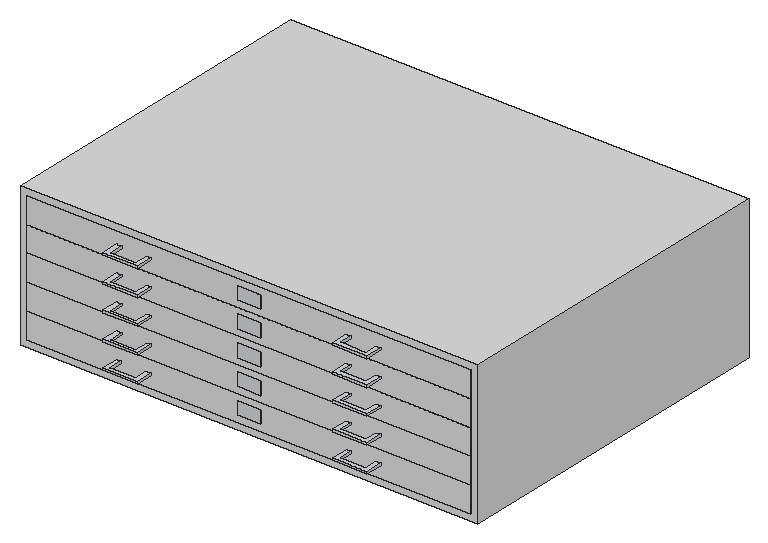
Revit family
Parameters (values of type "1350 x 1000mm")
  Keynote = "N"
  Assembly Code = "E2020200"
  Depth = 1000 mm
  Description = ""
  Material = Metal - Steel
  Width = 1350 mm
Reference planes
  plane 1 "Center F/B": y = -934.318
  plane 2: z = 0
  plane 3 "Center L/R": x = -180.023
  plane 4: x = -855.023
  plane 5: x = 494.977
  plane 6: y = -1434.318
  plane 7: y = -434.318
  plane 8: x = 475.927
  plane 9: x = -835.973
  plane 10: y = -453.368
  plane 11: z = 19.05
  plane 12: z = 419.1
  plane 13: z = 400.05
  plane 14: x = -518.954
  plane 15: x = 158.909
Forms (mm)
  Extrusion 1, solid, material "Metal - Steel" <- "Material"
    sketch origin (0, 0, 0) x (1, 0, 0) y (0, 1, 0)
      loop
        line (-855.023, -434.318) -> (-855.023, -1434.318) -> (494.977, -1434.318) -> (494.977, -434.318) -> (-855.023, -434.318)
    from 0 to 419.1
  Extrusion 2, solid, material "Metal - Steel" <- "Material"
    sketch origin (-855.023, -1434.318, 419.1) x (0, 0, -1) y (1, 0, 0)
      loop
        line (247.65, 19.05) -> (247.65, 1330.95) -> (171.45, 1330.95) -> (171.45, 19.05) -> (247.65, 19.05)
    from 0 to -19.05
  Extrusion 3, solid, material "Metal - Steel" <- "Material"
    sketch origin (-855.023, -1434.318, 419.1) x (0, 0, -1) y (1, 0, 0)
      loop
        line (171.45, 19.05) -> (171.45, 1330.95) -> (95.25, 1330.95) -> (95.25, 19.05) -> (171.45, 19.05)
    from 0 to -19.05
  Extrusion 4, solid, material "Metal - Steel" <- "Material"
    sketch origin (-855.023, -1434.318, 419.1) x (0, 0, -1) y (1, 0, 0)
      loop
        line (95.25, 19.05) -> (95.25, 1330.95) -> (19.05, 1330.95) -> (19.05, 19.05) -> (95.25, 19.05)
    from 0 to -19.05
  Extrusion 5, solid, material "Metal - Steel" <- "Material"
    sketch origin (-855.023, -1434.318, 419.1) x (0, 0, -1) y (1, 0, 0)
      loop
        line (247.65, 19.05) -> (323.85, 19.05) -> (323.85, 1330.95) -> (247.65, 1330.95) -> (247.65, 19.05)
    from 0 to -19.05
  Extrusion 6, solid, material "Metal - Steel" <- "Material"
    sketch origin (-855.023, -1434.318, 419.1) x (0, 0, -1) y (1, 0, 0)
      loop
        line (323.85, 19.05) -> (400.05, 19.05) -> (400.05, 1330.95) -> (323.85, 1330.95) -> (323.85, 19.05)
    from 0 to -19.05
  Extrusion 7, solid
    sketch origin (-1020.123, -1434.318, 419.1) x (0, 0, -1) y (1, 0, 0)
      loop
        line (358.775, 450.369) -> (365.125, 450.369) -> (365.125, 551.969) -> (358.775, 551.969) -> (358.775, 450.369)
      loop
        line (288.925, 450.369) -> (288.925, 551.969) -> (282.575, 551.969) -> (282.575, 450.369) -> (288.925, 450.369)
      loop
        line (212.725, 450.369) -> (212.725, 551.969) -> (206.375, 551.969) -> (206.375, 450.369) -> (212.725, 450.369)
      loop
        line (136.525, 450.369) -> (136.525, 551.969) -> (130.175, 551.969) -> (130.175, 450.369) -> (136.525, 450.369)
      loop
        line (60.325, 450.369) -> (60.325, 551.969) -> (53.975, 551.969) -> (53.975, 450.369) -> (60.325, 450.369)
    from 0 to 50.8
  Extrusion 8, void
    sketch origin (-855.023, -1434.318, 419.1) x (0, 0, 1) y (1, 0, 0)
      loop
        line (-365.125, 297.969) -> (-358.775, 297.969) -> (-358.775, 374.169) -> (-365.125, 374.169) -> (-365.125, 297.969)
    from 0 to -41.275
  Extrusion 9, void
    sketch origin (-855.023, -1434.318, 419.1) x (0, 0, 1) y (1, 0, 0)
      loop
        line (-288.925, 299.123) -> (-282.575, 299.123) -> (-282.575, 375.323) -> (-288.925, 375.323) -> (-288.925, 299.123)
      loop
        line (-212.725, 299.123) -> (-206.375, 299.123) -> (-206.375, 375.323) -> (-212.725, 375.323) -> (-212.725, 299.123)
      loop
        line (-136.525, 299.123) -> (-130.175, 299.123) -> (-130.175, 375.323) -> (-136.525, 375.323) -> (-136.525, 299.123)
      loop
        line (-60.325, 299.123) -> (-53.975, 299.123) -> (-53.975, 375.323) -> (-60.325, 375.323) -> (-60.325, 299.123)
    from 0 to -41.275
  Extrusion 10, solid
    sketch origin (-855.023, -1434.318, 419.1) x (0, 0, -1) y (1, 0, 0)
      loop
        line (358.775, 963.131) -> (365.125, 963.131) -> (365.125, 1064.731) -> (358.775, 1064.731) -> (358.775, 963.131)
      loop
        line (288.925, 963.131) -> (288.925, 1064.731) -> (282.575, 1064.731) -> (282.575, 963.131) -> (288.925, 963.131)
      loop
        line (212.725, 963.131) -> (212.725, 1064.731) -> (206.375, 1064.731) -> (206.375, 963.131) -> (212.725, 963.131)
      loop
        line (136.525, 963.131) -> (136.525, 1064.731) -> (130.175, 1064.731) -> (130.175, 963.131) -> (136.525, 963.131)
      loop
        line (60.325, 963.131) -> (60.325, 1064.731) -> (53.975, 1064.731) -> (53.975, 963.131) -> (60.325, 963.131)
    from 0 to 50.8
  Extrusion 11, void
    sketch origin (-855.023, -1434.318, 419.1) x (0, 0, 1) y (1, 0, 0)
      loop
        line (-365.125, 975.831) -> (-358.775, 975.831) -> (-358.775, 1052.031) -> (-365.125, 1052.031) -> (-365.125, 975.831)
      loop
        line (-288.925, 975.831) -> (-282.575, 975.831) -> (-282.575, 1052.031) -> (-288.925, 1052.031) -> (-288.925, 975.831)
      loop
        line (-212.725, 975.831) -> (-206.375, 975.831) -> (-206.375, 1052.031) -> (-212.725, 1052.031) -> (-212.725, 975.831)
      loop
        line (-136.525, 975.831) -> (-130.175, 975.831) -> (-130.175, 1052.031) -> (-136.525, 1052.031) -> (-136.525, 975.831)
      loop
        line (-60.325, 975.831) -> (-53.975, 975.831) -> (-53.975, 1052.031) -> (-60.325, 1052.031) -> (-60.325, 975.831)
    from 0 to -38.1
  Extrusion 12, solid
    sketch origin (-855.023, -1434.318, 419.1) x (0, 0, -1) y (1, 0, 0)
      loop
        line (38.1, 640.869) -> (76.2, 640.869) -> (76.2, 709.131) -> (38.1, 709.131) -> (38.1, 640.869)
      loop
        line (114.09, 640.869) -> (152.751, 640.869) -> (152.751, 709.131) -> (114.09, 709.131) -> (114.09, 640.869)
      loop
        line (190.5, 640.869) -> (228.6, 640.869) -> (228.6, 709.131) -> (190.5, 709.131) -> (190.5, 640.869)
      loop
        line (266.7, 640.869) -> (304.903, 640.869) -> (304.903, 709.131) -> (266.7, 709.131) -> (266.7, 640.869)
      loop
        line (342.9, 640.869) -> (380.979, 640.869) -> (380.979, 709.131) -> (342.9, 709.131) -> (342.9, 640.869)
    from 0 to -12.7
Cuts and joins
  Extrusion 8, Extrusion 9, Extrusion 11 cuts Extrusion 1
  Extrusion 8, Extrusion 9, Extrusion 11 cuts Extrusion 2
  Extrusion 8, Extrusion 9, Extrusion 11 cuts Extrusion 3
  Extrusion 8, Extrusion 9, Extrusion 11 cuts Extrusion 4
  Extrusion 8, Extrusion 9, Extrusion 11 cuts Extrusion 5
  Extrusion 8, Extrusion 9, Extrusion 11 cuts Extrusion 6
  Extrusion 8, Extrusion 9, Extrusion 11 cuts Extrusion 7
  Extrusion 11 cuts Extrusion 10
Dimensions and locks
  equal spacing: plane 4, plane 3 "Center L/R", plane 5
  equal spacing: plane 6, plane 1 "Center F/B", plane 7
  "Depth": plane 6 to plane 7
  "Width": plane 4 to plane 5
  locked: plane 10 to plane 7 at 19.05
  plane 4 to plane 9 = 19.05 mm
  plane 8 to plane 5 = 19.05 mm
  equal spacing: plane 9, plane 3 "Center L/R", plane 8
  locked: plane 14 to Extrusion 7 sketch curve at 50.8
  aligned and locked: plane 12 to Extrusion 1
  aligned and locked: Extrusion 1 to plane 2
Automatic sketch dimensions
  Extrusion 2 sketch curve to plane 9 = 0 mm
  Extrusion 2 sketch curve to plane 8 = 0 mm
  Extrusion 3 sketch curve to plane 9 = 0 mm
  Extrusion 3 sketch curve to plane 8 = 0 mm
  Extrusion 4 sketch curve to plane 9 = 0 mm
  Extrusion 4 sketch curve to plane 8 = 0 mm
  Extrusion 5 sketch curve to plane 9 = 0 mm
  Extrusion 5 sketch curve to plane 8 = 0 mm
  Extrusion 7 sketch curve to plane 12 = 53.975 mm
  Extrusion 7 sketch curve to Extrusion 7 sketch curve = 6.35 mm  (x5)
  Extrusion 7 sketch curve to Extrusion 7 sketch curve = 69.85 mm  (x3)
  level to Extrusion 7 sketch curve = 60.325 mm
  Extrusion 7 sketch curve to plane 14 = 50.8 mm  (x4)
  plane 14 to Extrusion 7 sketch curve = 50.8 mm  (x5)
  Extrusion 6 sketch curve to plane 8 = 0 mm
  Extrusion 6 sketch curve to plane 9 = 0 mm
  Extrusion 6 sketch curve to plane 11 = 0 mm
  plane 11 to Extrusion 6 sketch curve = 76.2 mm
